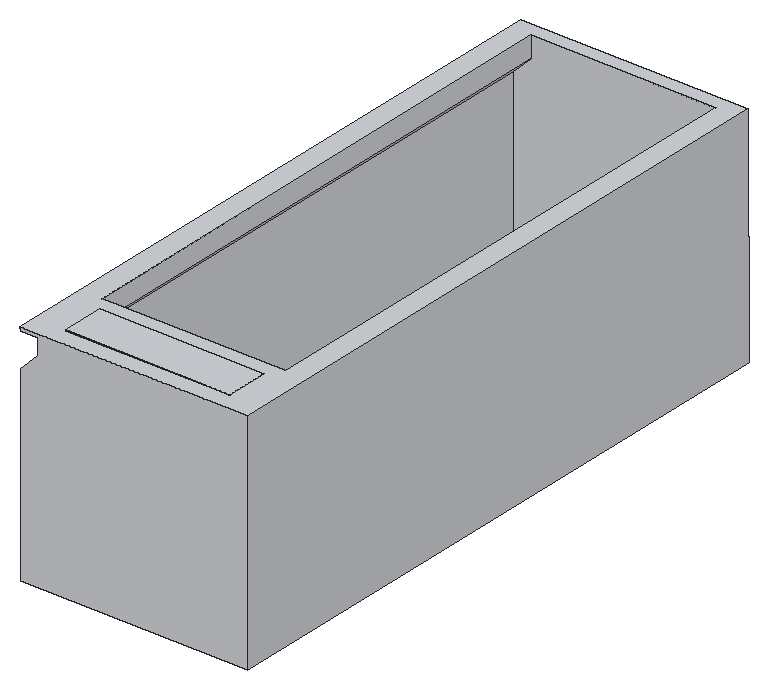
Revit family "Shower_Cabinet-Willoughby-US-3232-FA-R", category Plumbing Fixtures, Revit 2015
Parameters (values of type "Standard")
  Waste Radius = Waste DIA / 2  # 1"
  Waste DIA = 2"
  Waste Connection = yes
  Vent Connection = no
  URL = "https://www.willoughby-ind.com/wp-content/uploads/2018/01/US-3636-FA.pdf"
  Revision = "A"
  Model = "US-3232-FA-R"
  Manufacturer = "Willoughby Industries"
  HW Connection = no
  HCW Inlet RAD = HCW Inlet DIA / 2  # 1/4"
  HCW Inlet DIA = 1/2"
  HCW Connection = yes
  Fixture Body = Stainless Steel AISI 304-Willoughby
  Description = "US 32\" X 32\" Series Cabinet Shower Front Access, Right Hand"
  Default Elevation = 0' - 0"
  Contact info = "(800) 428-4065"
  CW Connection = no
Reference planes (in)
  plane 1 "Center (Front/Back)": y = 0
  plane 2: z = 0
  plane 3 "Center (Left/Right)": x = 0
  plane 4: y = 88
  plane 5: x = -16
  plane 6: x = 16
  plane 7: z = 32
  plane 8: z = 16
  plane 9 "Waste Height": y = 6.5
Forms (in)
  Extrusion 1, solid
    sketch origin (0, 0, 0) x (1, 0, 0) y (0, 0, 1)
      loop
        line (-16, 0) -> (16, 0) -> (16, 32) -> (-16, 32) -> (-16, 31.5) -> (-13.5, 31.5) -> (-13.5, 29.20711) -> (-16, 26.70711) -> (-16, 0)
    from 0 to -88
  Extrusion 2, void, detail levels fine
    sketch origin (0, 0, 0) x (1, 0, 0) y (0, 0, 1)
      loop
        line (-15.5, 0.5) -> (15.5, 0.5) -> (15.5, 26.5) -> (13, 29) -> (-13, 29) -> (-15.5, 26.5) -> (-15.5, 0.5)
    from -9 to -10.5
  Extrusion 3, void, detail levels fine
    sketch origin (0.89838, 0, 1.72188) x (1, 0, 0) y (0, 0, 1)
      loop
        circle (-0.89838, 14.27812) r 2
    from -8.61062 to -9
  Extrusion 4, solid
    sketch origin (0, 0, 0) x (1, 0, 0) y (0, 1, 0)
      loop
        circle (0, 6.5) r 1
    from 0 to 5.55813
  Extrusion 5, solid
    sketch origin (15.61612, 0, 26.38388) x (-0.707107, 0, 0.707107) y (0, 1, 0)
      loop
        circle (1.93198, 81) r 0.75
    from 0 to 2
  Extrusion 6, void
    sketch origin (0, 10.5, 0) x (-1, 0, 0) y (0, 0, 1)
      loop
        line (-13, 32) -> (-13, 29) -> (-15.5, 26.5) -> (-15.5, 0.5) -> (15.5, 0.5) -> (15.5, 26.5) -> (13, 29) -> (13, 32) -> (-13, 32)
    from 0 to 75.5
  Extrusion 7, solid
    sketch origin (0, 0, 0) x (1, 0, 0) y (0, 0, 1)
      loop
        line (0, 32) -> (11.5, 32) -> (11.5, 32.075) -> (-11.5, 32.075) -> (-11.5, 32) -> (0, 32)
    from -2.375 to -8.375
Cuts and joins
  Extrusion 2, Extrusion 3, Extrusion 6 cuts Extrusion 1
Lines and regions (in)
  model lines, detail levels coarse+medium
    curve 1: line (-16, 0, 0) -> (16, 0, 0)
  symbolic lines
    curve 2: line (-16, 0, 0) -> (-16, 88, 0)
    curve 3: line (-16, 88, 0) -> (16, 88, 0)
    curve 4: line (16, 88, 0) -> (16, 0, 0)
    curve 5: line (16, 0, 0) -> (-16, 0, 0)
    curve 6: line (-13.5, 0, 0) -> (-13.5, 88, 0)
    curve 18: line (16, 0, 0) -> (16, 0, 32)
    curve 19: line (16, 0, 32) -> (-16, 0, 32)
    curve 20: line (-16, 0, 32) -> (-16, 0, 31.5)
    curve 21: line (-16, 0, 31.5) -> (-13.5, 0, 31.5)
    curve 22: line (-13.5, 0, 31.5) -> (-13.5, 0, 29.20711)
    curve 23: line (-13.5, 0, 29.20711) -> (-16, 0, 26.70711)
    curve 24: line (-16, 0, 26.70711) -> (-16, 0, 0)
    curve 25: line (0, 0, 0) -> (0, 88, 0)
    curve 26: line (0, 88, 0) -> (0, 88, 32)
    curve 27: line (0, 88, 32) -> (0, 0, 32)
    curve 28: line (0, 0, 32) -> (0, 0, 0)
  symbolic lines, detail levels medium+fine
    curve 7: line (-15.5, 9, 0) -> (-15.5, 86, 0)
    curve 8: line (-15.5, 86, 0) -> (15.5, 86, 0)
    curve 9: line (15.5, 86, 0) -> (15.5, 9, 0)
    curve 10: line (15.5, 9, 0) -> (-15.5, 9, 0)
    curve 11: line (-13, 9, 0) -> (-13, 86, 0)
    curve 12: line (13, 86, 0) -> (13, 9, 0)
    curve 17: line (13, 10.5, 0) -> (-13, 10.5, 0)
    curve 29: line (0, 0, 31.5) -> (0, 88, 31.5)
    curve 30: line (0, 0, 29.20711) -> (0, 88, 29.20711)
    curve 31: line (0, 0, 26.70711) -> (0, 88, 26.70711)
  symbolic lines, detail levels fine
    curve 13: circle (0, 50.98606, 0) r 0.74987 normal (0, 0, 1)
    curve 14: line (12.82213, 80.25409, 0) -> (13, 80.25409, 0)
    curve 15: line (13, 81.75409, 0) -> (12.82213, 81.75409, 0)
    curve 16: spline (12.82213, 81.75409, 0) -> (12.69272, 81.72853, 0) -> (12.57213, 81.65361, 0) -> (12.46858, 81.53442, 0) -> (12.38912, 81.37909, 0) -> (12.33917, 81.1982, 0) -> (12.32213, 81.00409, 0) -> (12.33917, 80.80998, 0) -> (12.38912, 80.62909, 0) -> (12.46858, 80.47376, 0) -> (12.57213, 80.35457, 0) -> (12.69272, 80.27965, 0) -> (12.82213, 80.25409, 0)
Dimensions and locks (in)
  cut or joined group of Extrusion 1, Extrusion 2, Extrusion 3, Extrusion 6 to plane 1 "Center (Front/Back)" = 0' - 9"
  plane 1 "Center (Front/Back)" to plane 9 "Waste Height" = 0' - 6 1/2"
  Extrusion 5 sketch curve to cut or joined group of Extrusion 1, Extrusion 2, Extrusion 3, Extrusion 6 = 6' - 0"
  locked: cut or joined group of Extrusion 1, Extrusion 2, Extrusion 3, Extrusion 6 to plane 3 "Center (Left/Right)" at 16
  locked: plane 3 "Center (Left/Right)" to cut or joined group of Extrusion 1, Extrusion 2, Extrusion 3, Extrusion 6 at 16
  locked: level to Extrusion 1 sketch curve at 32
  cut or joined group of Extrusion 1, Extrusion 2, Extrusion 3, Extrusion 6 to Extrusion 5 = 6' - 0"
  locked: plane 1 "Center (Front/Back)" to plane 4 at 88
  locked: plane 5 to plane 6 at 32
  locked: plane 9 "Waste Height" to cut or joined group of Extrusion 1, Extrusion 2, Extrusion 3, Extrusion 6 at 2.5
  locked: Extrusion 2 sketch curve to Extrusion 2 sketch curve (angle 45.00°)  (x2)
  aligned and locked: Extrusion 1 to plane 4
  aligned: plane 5 to Extrusion 1
  aligned and locked: level to Extrusion 1 sketch curve
  aligned and locked: Extrusion 6 sketch curve to cut or joined group of Extrusion 1, Extrusion 2, Extrusion 3, Extrusion 6  (x7)
  aligned and locked: cut or joined group of Extrusion 1, Extrusion 2, Extrusion 3, Extrusion 6 to Extrusion 6 sketch curve
  aligned and locked: cut or joined group of Extrusion 1, Extrusion 2, Extrusion 3, Extrusion 6 to cut or joined group of Extrusion 1, Extrusion 2, Extrusion 3, Extrusion 6
  aligned and locked: curve 1 to cut or joined group of Extrusion 1, Extrusion 2, Extrusion 3, Extrusion 6
Connectors (in)
  piping at (0, 6.5, 0), diameter 2, driven by "Waste Connection", driven by "Waste Radius"
    settings: on Extrusion 4, index 2, connector inside diameter 2", connector length 0' - 0", flow factor 0, pipe flow 0 GPM, pressure drop 0.00 psi, fitting loss kfactor 0, connector angle 0.00°, fixture units 0, engagement length 0' - 0", angle of deflection 0.00°, flow configuration 0, flow direction 2, fitting loss method 0, system type 16, joint type 0, gender type 0, connector reference index -1, connector utility 1, adjustable connector yes, is connector primary yes, connector description "Shower Drain"
